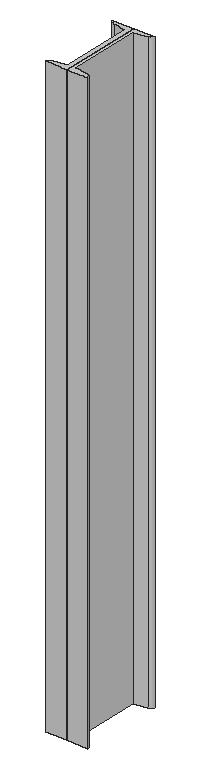
Revit family "8616a893eefa4112a03c14c8eae95f29", category Structural Columns, Revit 2021
Family settings
  Section Shape = Not Defined
  Material for Model Behavior = Steel
  Always export as geometry = No
  Beam cutback in plan = From bounding box
  OmniClass Number = 23.25.30.11.14.11
  OmniClass Title = Columns
  Seek Item ID = Double C-Channel-Column-0000-USA-ENU
  Cut with Voids When Loaded = No
  Symbolic Representation = From Project Settings
  Shared = No
  Show family pre-cut in plan views = Yes
Parameters (values of type "2C15X50")
  W = 100
  Structural Material [instance] = Steel ASTM A36
  Space = 0' - 0"
  Assembly Code = "B10"
  bf = 0' - 3 183/256"
  d = 1' - 3"
  tf = 0' - 0 83/128"
  tw = 0' - 0 183/256"
  A = 29.40 in²
Reference planes (in)
  plane 1: y = 0
  plane 2: z = 0
  plane 3: x = 0
  plane 4: x = -3.71484
  plane 5: x = 3.71484
  plane 6: y = 7.5
  plane 7: y = -7.5
  plane 8: x = 0
  plane 9: x = 0
  plane 10: y = 6.85156
  plane 11: y = -6.85156
  plane 12: x = 0.71484
  plane 13: x = -0.71484
  plane 14: x = 3.06641
  plane 15: x = -3.06641
Forms (in)
  Extrusion 1, solid, material "Steel ASTM A36" <- "Structural Material", detail levels medium
    sketch origin (0, 0, 0) x (1, 0, 0) y (0, 1, 0)
      loop
        line (3.71484, 7.5) -> (0, 7.5) -> (0, -7.5) -> (3.71484, -7.5) -> (3.71484, -6.85156) -> (0.71484, -6.37641) -> (0.71484, 6.37641) -> (3.71484, 6.85156) -> (3.71484, 7.5)
    from 0 to 108
  Extrusion 2, solid, material "Steel ASTM A36" <- "Structural Material", detail levels fine
    sketch origin (0, 0, 0) x (1, 0, 0) y (0, 1, 0)
      loop
        line (3.71484, 7.5) -> (0, 7.5) -> (0, -7.5) -> (3.71484, -7.5)
        arc (3.71484, -7.5) -> (3.52492, -7.04149) -> (3.06641, -6.85156) r 0.64844
        line (3.06641, -6.85156) -> (0.71484, -6.47911) -> (0.71484, 6.47911) -> (3.06641, 6.85156)
        arc (3.06641, 6.85156) -> (3.52492, 7.04149) -> (3.71484, 7.5) r 0.64844
    from 0 to 108
  Extrusion 3, solid, material "Steel ASTM A36" <- "Structural Material", detail levels medium
    sketch origin (0, 0, 0) x (-1, 0, 0) y (0, -1, 0)
      loop
        line (3.71484, -7.5) -> (3.71484, -6.85156) -> (0.71484, -6.37641) -> (0.71484, 6.37641) -> (3.71484, 6.85156) -> (3.71484, 7.5) -> (0, 7.5) -> (0, -7.5) -> (3.71484, -7.5)
    from 0 to 108
  Extrusion 4, solid, material "Steel ASTM A36" <- "Structural Material", detail levels fine
    sketch origin (0, 0, 0) x (-1, 0, 0) y (0, -1, 0)
      loop
        arc (3.71484, -7.5) -> (3.52492, -7.04149) -> (3.06641, -6.85156) r 0.64844
        line (3.06641, -6.85156) -> (0.71484, -6.47911) -> (0.71484, 6.47911) -> (3.06641, 6.85156)
        arc (3.06641, 6.85156) -> (3.52492, 7.04149) -> (3.71484, 7.5) r 0.64844
        line (3.71484, 7.5) -> (0, 7.5) -> (0, -7.5) -> (3.71484, -7.5)
    from 0 to 108
Lines and regions (in)
  symbolic lines, style "StructuralColumnStickSymbols", detail levels coarse
    curve 1: line (0, 7.5, 0) -> (3.71484, 7.5, 0)
    curve 2: line (0, -7.5, 0) -> (3.71484, -7.5, 0)
    curve 3: line (0, 7.5, 0) -> (0, -7.5, 0)
    curve 6: line (0, 7.5, 0) -> (-3.71484, 7.5, 0)
    curve 7: line (0, -7.5, 0) -> (-3.71484, -7.5, 0)
    curve 8: line (0, 7.5, 0) -> (0, -7.5, 0)
  symbolic lines, style "Hidden Faces", detail levels medium+fine
    curve 4: line (-0.71484, 0, 0) -> (-0.71484, 0, 108)
    curve 5: line (0.71484, 0, 108) -> (0.71484, 0, 0)
Dimensions and locks (in)
  equal spacing: plane 7, plane 1, plane 6
  "d": plane 7 to plane 6
  equal spacing: plane 8, plane 3, plane 9
  "Space": plane 8 to plane 9
  "bf": plane 9 to plane 5
  "bf": plane 4 to plane 8
  "tf": plane 6 to plane 10
  "tf": plane 7 to plane 11
  "tw": plane 9 to plane 12
  "tw": plane 8 to plane 13
  "tf": plane 14 to plane 5
  "tf": plane 15 to plane 4
  "tf": radius of Extrusion 2 sketch curve  (x2)
  "tf": radius of Extrusion 4 sketch curve  (x2)
  locked: plane 10 to Extrusion 1 sketch curve (angle 9.00°)
  locked: Extrusion 1 sketch curve to plane 11 (angle 9.00°)
  locked: Extrusion 2 sketch curve to plane 11 (angle 9.00°)
  angle plane 10 to Extrusion 2 sketch curve = 9.00°
  locked: Extrusion 3 sketch curve to plane 10 (angle 9.00°)
  locked: plane 11 to Extrusion 3 sketch curve (angle 9.00°)
  locked: Extrusion 4 sketch curve to plane 10 (angle 9.00°)
  locked: plane 11 to Extrusion 4 sketch curve (angle 9.00°)
  aligned and locked: level to plane 2
  aligned and locked: plane 9 to curve 2
  aligned and locked: plane 9 to curve 1
  aligned and locked: plane 5 to curve 2
  aligned and locked: plane 5 to curve 1
  aligned and locked: plane 6 to curve 1
  aligned and locked: curve 7 to plane 7
  aligned and locked: curve 6 to plane 6
  aligned and locked: plane 4 to curve 6
  aligned and locked: plane 4 to curve 7
  aligned and locked: plane 7 to curve 3
  aligned and locked: plane 8 to curve 7
  aligned and locked: plane 8 to curve 6
  aligned and locked: level to curve 5
  aligned and locked: level to curve 4
  aligned and locked: plane 12 to curve 5
  aligned and locked: plane 13 to curve 4
  aligned and locked: plane 6 to Extrusion 1 sketch curve
  aligned and locked: Extrusion 1 sketch curve to plane 9
  aligned and locked: Extrusion 1 sketch curve to plane 7
  aligned and locked: plane 12 to Extrusion 1 sketch curve
  aligned and locked: plane 5 to Extrusion 1 sketch curve  (x4)
  aligned and locked: plane 11 to Extrusion 1 sketch curve
  aligned and locked: Extrusion 2 sketch curve to plane 6
  aligned and locked: plane 9 to Extrusion 2 sketch curve
  aligned and locked: plane 7 to Extrusion 2 sketch curve
  aligned and locked: Extrusion 2 sketch curve to plane 12
  aligned and locked: plane 14 to Extrusion 2 sketch curve  (x4)
  aligned and locked: plane 11 to Extrusion 2 sketch curve
  aligned and locked: plane 10 to Extrusion 2 sketch curve
  aligned and locked: plane 7 to Extrusion 3 sketch curve
  aligned and locked: plane 8 to Extrusion 3 sketch curve
  aligned and locked: Extrusion 3 sketch curve to plane 6
  aligned and locked: plane 4 to Extrusion 3 sketch curve  (x2)
  aligned and locked: Extrusion 3 sketch curve to plane 13
  aligned and locked: Extrusion 4 sketch curve to plane 8
  aligned and locked: plane 6 to Extrusion 4 sketch curve  (x2)
  aligned and locked: plane 13 to Extrusion 4 sketch curve
  aligned and locked: Extrusion 4 sketch curve to plane 7
  aligned and locked: plane 7 to Extrusion 4 sketch curve
  aligned and locked: plane 15 to Extrusion 4 sketch curve  (x2)
  aligned and locked: level to Extrusion 2
  aligned and locked: level to Extrusion 4
  aligned and locked: level to Extrusion 1
  aligned and locked: level to Extrusion 3
Automatic sketch dimensions
  curve 5 to level = 0' - 0"
  curve 4 to level = 0' - 0"
  Extrusion 1 sketch curve to plane 10 = 0' - 0"
  Extrusion 3 sketch curve to plane 11 = 0' - 0"
  Extrusion 3 sketch curve to plane 10 = 0' - 0"
